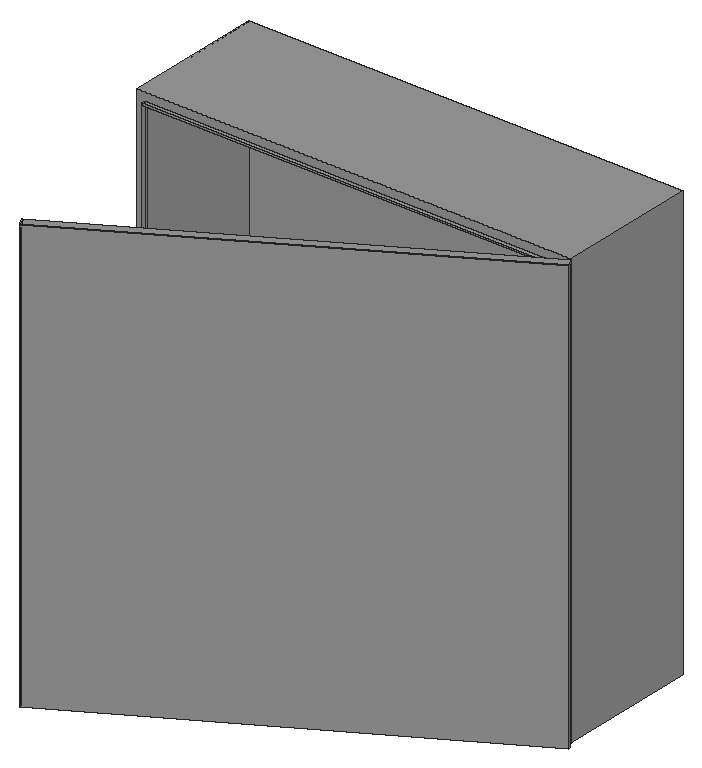
Revit family "Hager-Univers-IP55-D275-H800-Cl.I-Steel_encl-NoHosted-PL-pl", category Electrical Equipment, Revit 2020
Family settings
  Panel Configuration = Two Columns, Circuits Across
  Round Connector Dimension = Use Diameter
  Part Type = Panelboard
  Work Plane-Based = Yes
  Always vertical = Yes
  Cut with Voids When Loaded = No
  Shared = No
  Room Calculation Point = No
Parameters (values of type "Montaż natynkowy IP55 S800 W800 G275  - FR53E")
  Width Control [instance] = if([EF000008 - Szerokość] > Min Width, [EF000008 - Szerokość], Min Width)  # 800 mm
  Type Comments = [HG000003 - Zakres]  # "Univers"
  Thickness Door [instance] = if([EF009171 - Drzwi/pokrywa z materiału o wysokiej wytrzymałości mechanicznej] > 3 mm, 3 mm, [EF009171 - Drzwi/pokrywa z materiału o wysokiej wytrzymałości mechanicznej])  # 1.5 mm
  Seal Frame Offset [instance] = 17 mm  # constant formula
  Plinth Visibility [instance] = [HG000027 - Wysokość cokołu] > 0 mm  # no
  Min Width [instance] = 100 mm  # constant formula
  Min Depth [instance] = (2 * [EF009170 - Obudowa z materiału o wysokiej wytrzymałości mechanicznej]) + 1 mm  # 4 mm
  Min Height [instance] = 100 mm  # constant formula
  Internal Frame Depth [instance] = (Door System Depth * 0.5)  # 9 mm
  Panel Name [instance] = ""  # (empty or 0)
  Model = ""
  HG000027 - Wysokość cokołu = 0 mm
  HG000026 - Stojąca = no
  HG000024 - Wysokość części dolnej = 600 mm
  HG000023 - Obudowa dwusekcyjna = no
  HG000016 - Widoczność drzwi w widoku 3D [instance] = yes
  HG000015 - Przestrzeń robocza - otwarcie drzwi [instance] = no
  HG000014 - Drzwi prawe [instance] = yes
  HG000013 - Drzwi lewe [instance] = not([HG000014 - Drzwi prawe])  # no
  HG000012 - Kąt otwarcia drzwi [instance] = 30.00°
  HG000010 - Drzwi asymetryczne = no
  HG000009 - Drzwi dwuskrzydłowe = no
  HG000006 - Montaż podtynkowy = no
  HG000004 - Referencja producenta = "FR53E"
  HG000003 - Zakres = "Univers"
  HG000002 - Z drzwiami lub pokrywą = yes
  Frame Offset Bottom [instance] = 10 mm  # constant formula
  Frame Offset [instance] = 15 mm  # constant formula
  EF015940 - Pokrywa z wyzwalaczem nadciśnieniowym = no
  EF011959 - Stopień ochrony (NEMA) = ""
  EF009554 - Liczba otworów pod flansze = 6
  EF009212 - Wykonanie pokrywy = "EV000116 - Zamknięty"
  EF009171 - Drzwi/pokrywa z materiału o wysokiej wytrzymałości mechanicznej = 1.5 mm
  EF009170 - Obudowa z materiału o wysokiej wytrzymałości mechanicznej = 1.5 mm
  EF008873 - Prąd znamionowy (In) = 800 A
  EF007800 - Do ochrony odgromowej = no
  EF006306 - Z zamkiem = no
  EF006244 - Transparentna pokrywa/drzwi = no
  EF005474 - Stopień ochrony (IP) = "EV006420 - IP55"
  EF004464 - Rodzaj drzwi = "EV002646 - Pojedynczy"
  EF004427 - Liczba modułów = 180
  EF004293 - Odporność udarowa = "EV008784 - IK10"
  EF003532 - Do zastosowań zewnętrznych = no
  EF002950 - Szerokość wyrażona liczbą modułów = 24
  EF001613 - Podtrzymanie funkcji = "EV000494 - Brak"
  EF001596 - Materiał obudowy = "EV000179 - Stal"
  EF001131 - Głębokość wewnętrzna = 275 mm
  EF001088 - Możliwość rozbudowy = yes
  EF000437 - Liczba wejść kablowych = 6
  EF000339 - Rodzaj pokrywy = "EV004216 - Drzwi"
  EF000266 - Liczba rzędów = 5
  EF000218 - Głębokość wbudowania = 0 mm
  EF000118 - Z płytą montażową = no
  EF000116 - Numer RAL = "7035"
  EF000049 - Głębokość = 275 mm
  EF000040 - Wysokość = 800 mm
  EF000008 - Szerokość = 800 mm
  EF000007 - Kolor = "EV000270 - Szary"
  EF000003 - Sposób montażu = "EV000384 - Montaż natynkowy"
  Door System Leaf Tolerance [instance] = 1.5 mm  # constant formula
  Door System Depth [instance] = 18 mm  # constant formula
  Door Height [instance] = Height Control - [HG000027 - Wysokość cokołu]  # 800 mm
  Description = ""
  Default Elevation = 1219.2 mm
  Connector Offset [instance] = Height Control / 2  # 400 mm
  Manufacturer = "Hager"  # constant formula
  Height Control [instance] = if([EF000040 - Wysokość] > Min Height, [EF000040 - Wysokość], Min Height)  # 800 mm
  Depth Control [instance] = if([EF000049 - Głębokość] > Min Depth, [EF000049 - Głębokość], Min Depth)  # 275 mm
  Bottom Top Plate Trim [instance] = 1.5 mm  # constant formula
  Plinth height Ctrl [instance] = if([HG000027 - Wysokość cokołu] > 0 mm, [HG000027 - Wysokość cokołu], 12 mm)  # 12 mm
Types (5, lengths in mm): name | Width Control | HG000010 - Drzwi asymetryczne | HG000009 - Drzwi dwuskrzydłowe | HG000004 - Referencja producenta | EF009554 - Liczba otworów pod flansze | EF004464 - Rodzaj drzwi | EF004427 - Liczba modułów | EF000437 - Liczba wejść kablowych | EF000008 - Szerokość
  Montaż natynkowy IP55 S1050 W800 G275  - FR54E | 1050 | no | yes | "FR54E" | 8 | "EV003602 - Podwójny" | 240 | 8 | 1050
  Montaż natynkowy IP55 S1300 W800 G275  - FR55E | 1300 | yes | yes | "FR55E" | 10 | "EV003602 - Podwójny" | 300 | 10 | 1300
  Montaż natynkowy IP55 S300 W800 G275  - FR51E | 300 | no | no | "FR51E" | 2 | "EV002646 - Pojedynczy" | 60 | 2 | 300
  Montaż natynkowy IP55 S550 W800 G275  - FR52E | 550 | no | no | "FR52E" | 4 | "EV002646 - Pojedynczy" | 120 | 4 | 550
  Montaż natynkowy IP55 S800 W800 G275  - FR53E | 800 | no | no | "FR53E" | 6 | "EV002646 - Pojedynczy" | 180 | 6 | 800
Reference planes
  plane 1 "Center (Front/Back)": y = 0
  plane 2: z = 0
  plane 3 "Center (Left/Right)": x = 0
  plane 4: y = 0
  plane 5: y = 0
  plane 6: z = 0
  plane 7: x = -400
  plane 8: x = 400
  plane 9: x = 398.5
  plane 10: x = -398.5
  plane 11: z = 0
  plane 12: z = 1.5
  plane 13: y = -275
  plane 14: y = -1.5
  plane 15: x = 0
  plane 16: y = -257
  plane 17: y = -273.5
  plane 18: y = -255.5
  plane 19: x = -383.5
  plane 20: x = 383.5
  plane 21: z = 11.5
  plane 22: x = -383
  plane 23: x = 383
  plane 24: z = 0
  plane 25: z = 800
  plane 26: z = 800
  plane 27: z = 783.5
  plane 28: z = 798.5
Forms (mm)
  Extrusion 1, solid, material "Hager_Steel_RAL7035_Light_Grey", detail levels medium+fine
    sketch origin (-208.679, -4572, 0) x (-1, 0, 0) y (0, -1, 0)
      loop
        line (191.321, -4315) -> (-608.679, -4315) -> (-608.679, -4572) -> (191.321, -4572) -> (191.321, -4315)
    from 0 to 800
  Extrusion 2, void
    sketch origin (-350.771, -275, 1219.2) x (1, 0, 0) y (0, 0, 1)
      loop
        line (-47.729, -420.7) -> (-47.729, -1217.7) -> (749.271, -1217.7) -> (749.271, -420.7) -> (-47.729, -420.7)
    from -19.5 to -273.5
  Extrusion 3, void
    sketch origin (-290.084, -257, 1219.2) x (1, 0, 0) y (0, 0, 1)
      loop
        line (-93.416, -1207.7) -> (673.584, -1207.7) -> (673.584, -435.7) -> (-93.416, -435.7) -> (-93.416, -1207.7)
    from 0 to -1.5
  Extrusion 4, solid, material "Hager_Steel_RAL7035_Light_Grey", visible <- "Plinth Visibility", detail levels medium+fine
    sketch origin (0, 0, 0) x (1, 0, 0) y (0, 1, 0)
      loop
        line (-400, 0) -> (-400, -257) -> (400, -257) -> (400, 0) -> (-400, 0)
    from 0 to 12 <- "Plinth height Ctrl"
  Extrusion 5, solid, material "Hager_Steel_RAL7035_Light_Grey", detail levels coarse
    sketch origin (0, 0, 0) x (1, 0, 0) y (0, 1, 0)
      loop
        line (-400, 0) -> (-400, -275) -> (400, -275) -> (400, 0) -> (-400, 0)
    from 0 to 800 <- "Height Control"
  Sweep 6, void
    path in 3D
      loop
        line (-400, -257, 12) -> (400, -257, 12) -> (400, 0, 12) -> (-400, 0, 12) -> (-400, -257, 12)
    profile origin (-400, -128.5, 12) x (1, 0, 0) y (0, 0, 1)
      loop
        line (0, 0) -> (0, -1.5) -> (1.5, -1.5)
        arc (1.5, -1.5) -> (1.061, -0.439) -> (0, 0) r 1.5
  Extrusion 7, solid, material "Hager_Steel_RAL7035_Light_Grey", detail levels fine
    sketch origin (-400, -257, 0) x (1, 0, 0) y (0, 0, 1)
      loop
        line (16.5, 11.5) -> (783.5, 11.5) -> (783.5, 783.5) -> (16.5, 783.5) -> (16.5, 11.5)
      loop
        line (15, 10) -> (785, 10) -> (785, 785) -> (15, 785) -> (15, 10)
    from 0 to 9 <- "Internal Frame Depth"
Cuts and joins
  Extrusion 2, Extrusion 3 cuts Extrusion 1
  Sweep 6 cuts Extrusion 4
Lines and regions (mm)
  Masking region 1
    outline origin (0, 0, 0) x (1, 0, 0) y (0, 1, 0)
      loop
        line (-400, 0) -> (-400, -275) -> (400, -275) -> (400, 0) -> (-400, 0)
  Masking region 2, detail levels coarse
    outline origin (-290.084, -257, 1219.2) x (-1, 0, 0) y (0, 0, 1)
      loop
        line (-690.084, -1219.2) -> (109.916, -1219.2) -> (109.916, -419.2) -> (-690.084, -419.2) -> (-690.084, -1219.2)
  Masking region 3, detail levels coarse
    outline origin (0, 0, 0) x (0, 1, 0) y (0, 0, 1)
      loop
        line (0, 0) -> (0, 800) -> (-275, 800) -> (-275, 0) -> (0, 0)
  Masking region 4, visible <- "Plinth Visibility", detail levels medium+fine
    outline origin (0, 0, 0) x (0, 1, 0) y (0, 0, 1)
      loop
        line (-1.5, 12) -> (-255.5, 12)
        arc (-255.5, 12) -> (-255.939, 10.939) -> (-257, 10.5) r 1.5
        line (-257, 10.5) -> (-257, 0) -> (0, 0) -> (0, 10.5)
        arc (0, 10.5) -> (-1.061, 10.939) -> (-1.5, 12) r 1.5
  Masking region 5, detail levels medium+fine
    outline origin (0, 0, 594.038) x (0, 1, 0) y (0, 0, 1)
      loop
        line (0, -594.038) -> (0, 205.962) -> (-257, 205.962) -> (-257, -594.038) -> (0, -594.038)
  Masking region 6, detail levels medium+fine
    outline origin (-359.7, -257, 1211.883) x (-1, 0, 0) y (0, 0, 1)
      loop
        line (-759.7, -1211.883) -> (40.3, -1211.883) -> (40.3, -411.883) -> (-759.7, -411.883) -> (-759.7, -1211.883)
  Masking region 7, visible <- "Plinth Visibility", detail levels medium+fine
    outline origin (-320.334, -257, 1041.368) x (-1, 0, 0) y (0, 0, 1)
      loop
        line (-720.334, -1041.368) -> (79.666, -1041.368) -> (79.666, -1030.868)
        arc (79.666, -1030.868) -> (78.606, -1030.429) -> (78.166, -1029.368) r 1.5
        line (78.166, -1029.368) -> (-718.834, -1029.368)
        arc (-718.834, -1029.368) -> (-719.273, -1030.429) -> (-720.334, -1030.868) r 1.5
        line (-720.334, -1030.868) -> (-720.334, -1041.368)
  sketch lines
    curve 1: line (-400, 0, 12) -> (-400, -257, 12)
    curve 2: line (-400, -257, 12) -> (400, -257, 12)
    curve 3: line (400, 0, 12) -> (-400, 0, 12)
    curve 4: line (400, -257, 12) -> (400, 0, 12)
Dimensions and locks
  locked: plane 1 "Center (Front/Back)" to plane 5
  "EF009170 - Obudowa z materiału o wysokiej wytrzymałości mechanicznej": plane 7 to plane 10
  "EF009170 - Obudowa z materiału o wysokiej wytrzymałości mechanicznej": plane 8 to plane 9
  equal spacing: plane 7, plane 3 "Center (Left/Right)", plane 8
  "Width Control": plane 7 to plane 8
  "Depth Control": plane 4 to plane 13
  "EF009170 - Obudowa z materiału o wysokiej wytrzymałości mechanicznej": plane 4 to plane 14
  "Height Control": plane 25 to level
  "HG000027 - Wysokość cokołu": plane 11 to level
  "EF009170 - Obudowa z materiału o wysokiej wytrzymałości mechanicznej": plane 12 to plane 11
  "EF009170 - Obudowa z materiału o wysokiej wytrzymałości mechanicznej": plane 17 to plane 13
  "EF009170 - Obudowa z materiału o wysokiej wytrzymałości mechanicznej": plane 18 to plane 16
  "Frame Offset Bottom": plane 21 to plane 12
  "Frame Offset": plane 10 to plane 19
  "Frame Offset": plane 9 to plane 20
  "Door System Depth": plane 16 to plane 13
  "Seal Frame Offset": plane 7 to plane 22
  "Seal Frame Offset": plane 8 to plane 23
  "EF009170 - Obudowa z materiału o wysokiej wytrzymałości mechanicznej": plane 26 to plane 28
  "Frame Offset": plane 28 to plane 27
  "Connector Offset": plane 2 to connector elem
  "Bottom Top Plate Trim": profile plane to Sweep 6 sketch curve
  "Bottom Top Plate Trim": Sweep 6 sketch curve to Sweep 6 sketch curve
  "Plinth height Ctrl": Masking region 4 sketch curve to level
  "Plinth height Ctrl": Masking region 7 sketch curve to level
  "Thickness Door": Extrusion 7 sketch curve to Extrusion 7 sketch curve  (x4)
  "Bottom Top Plate Trim": radius of Sweep 6 sketch curve
  "Bottom Top Plate Trim": radius of Masking region 4 sketch curve  (x2)
  "Bottom Top Plate Trim": radius of Masking region 7 sketch curve  (x2)
  aligned and locked: Extrusion 2 sketch curve to plane 12
  aligned and locked: Extrusion 2 sketch curve to plane 9
  aligned and locked: Extrusion 2 sketch curve to plane 10
  aligned and locked: Extrusion 2 to plane 14
  aligned and locked: Extrusion 1 sketch curve to plane 4
  aligned and locked: plane 8 to Extrusion 1 sketch curve
  aligned and locked: plane 7 to Extrusion 1 sketch curve
  aligned and locked: Extrusion 2 to plane 18
  aligned and locked: Extrusion 3 sketch curve to plane 19
  aligned and locked: plane 20 to Extrusion 3 sketch curve
  aligned and locked: Extrusion 3 to Extrusion 2
  aligned and locked: Extrusion 3 sketch curve to plane 21
  aligned and locked: plane 3 "Center (Left/Right)" to nested 1
  aligned and locked: Extrusion 1 sketch curve to plane 16
  aligned and locked: Extrusion 4 sketch curve to cut or joined group of Extrusion 1, Extrusion 2, Extrusion 3
  aligned and locked: Masking region 1 sketch curve to plane 7
  aligned and locked: Masking region 1 sketch curve to plane 5
  aligned and locked: Masking region 1 sketch curve to plane 8
  aligned and locked: Masking region 2 sketch curve to level
  aligned and locked: level to Masking region 3 sketch curve
  aligned and locked: plane 1 "Center (Front/Back)" to Masking region 3 sketch curve
  aligned and locked: plane 13 to Masking region 3 sketch curve
  aligned and locked: plane 5 to Masking region 4 sketch curve
  aligned and locked: Masking region 2 sketch curve to plane 8
  aligned and locked: Masking region 2 sketch curve to plane 7
  aligned and locked: plane 7 to nested 2
  aligned and locked: nested 2 to plane 5
  aligned and locked: plane 5 to Masking region 5 sketch curve
  aligned and locked: plane 26 to Masking region 5 sketch curve
  aligned and locked: Extrusion 5 sketch curve to plane 8
  aligned and locked: Extrusion 5 sketch curve to plane 7
  aligned and locked: Extrusion 5 sketch curve to plane 5
  aligned and locked: Extrusion 3 sketch curve to plane 27
  aligned and locked: Extrusion 2 sketch curve to plane 28
  aligned and locked: Masking region 2 to plane 25
  aligned and locked: Extrusion 4 to plane 16
  aligned and locked: profile plane to Sweep 6 sketch curve
  aligned and locked: Masking region 5 sketch curve to plane 24
  aligned and locked: level to Masking region 4 sketch curve
  aligned and locked: Masking region 1 to plane 13
  aligned and locked: nested 1 to plane 16
  aligned and locked: Masking region 3 to plane 25
  aligned and locked: plane 16 to Masking region 4 sketch curve
  aligned and locked: Masking region 5 sketch curve to plane 16
  aligned and locked: plane 24 to plane 11
  aligned and locked: plane 26 to plane 25
  aligned and locked: plane 26 to cut or joined group of Extrusion 1, Extrusion 2, Extrusion 3
  aligned and locked: nested 1 to plane 24
  aligned and locked: Extrusion 1 to Extrusion 3
  aligned and locked: Masking region 6 sketch curve to plane 8
  aligned and locked: Masking region 6 sketch curve to plane 24
  aligned and locked: Masking region 6 sketch curve to plane 7
  aligned and locked: Masking region 6 sketch curve to plane 26
  aligned and locked: Masking region 7 sketch curve to plane 7
  aligned and locked: level to Masking region 7 sketch curve
  aligned and locked: Masking region 7 sketch curve to plane 8
  aligned and locked: Extrusion 7 sketch curve to cut or joined group of Extrusion 1, Extrusion 2, Extrusion 3  (x4)
Automatic sketch dimensions
  plane 19 to Extrusion 3 sketch curve = 0 mm
  Extrusion 3 sketch curve to plane 20 = 0 mm
  Extrusion 3 sketch curve to plane 21 = 0 mm
  Extrusion 4 sketch curve to plane 7 = 0 mm
  Extrusion 4 sketch curve to plane 8 = 0 mm
  Extrusion 4 sketch curve to plane 16 = 0 mm
  Masking region 1 sketch curve to plane 13 = 0 mm
  Masking region 2 sketch curve to plane 25 = 0 mm
  Masking region 3 sketch curve to plane 25 = 0 mm
  Extrusion 5 sketch curve to plane 13 = 0 mm
  profile plane to Sweep 6 sketch curve = 0 mm
Nested families
  nested 1: "EC000058_Univers_Door" at (0, -257, 0), Double <- "HG000009 - Drzwi dwuskrzydłowe", Transparent <- "EF006244 - Transparentna pokrywa/drzwi", Angle <- "HG000012 - Kąt otwarcia drzwi", Door_Right <- "HG000014 - Drzwi prawe", Assymetrical <- "HG000010 - Drzwi asymetryczne", Door <- "HG000002 - Z drzwiami lub pokrywą", Width_Ctrl <- "Width Control", 3d_Door <- "HG000016 - Widoczność drzwi w widoku 3D", Clearance <- "HG000015 - Przestrzeń robocza - otwarcie drzwi", Door_Left <- "HG000013 - Drzwi lewe", Width <- "Width Control", Door_Depth <- "Door System Depth", Leaf_Tolerance <- "Door System Leaf Tolerance", Height <- "Door Height", Lock_Visibility <- "EF006306 - Z zamkiem", Thickness <- "Thickness Door", type "EC000058_Univers_Door", detail levels medium+fine
    with min_wh 4 mm, Width_Ctrl 800 mm, Width 800 mm, Transparent no, Thickness 1.5 mm, Seal_Material Hager_Rubber, Lock_Visibility no, Lock_Material Hager_Plastic_RAL9005_Jet_Black, Leaf_Width 800 mm, Leaf_Tolerance_External_Sides 0 mm, Leaf_Tolerance 1.5 mm, Leaf_Offset 0 mm, Leaf_Height 797 mm, Leaf_2_Width 800 mm, Leaf_2_Offset 400 mm, Leaf_1_Width 800 mm, Leaf_1_Offset 400 mm, Height_Ctrl 800 mm, Height 800 mm, Glass_Material Hager_Glass, Double_Clearance_Ctrl no, Double no, Door_Right_Ctrl yes, Door_Right yes, Door_Material Hager_Steel_RAL7035_Light_Grey, Door_Left_Ctrl no, Door_Left no, Door_Depth 18 mm, Door yes, Clearance_Material Hager_Clearance, Clearance_Depth 800 mm, Clearance_Ctrl no, Clearance no, Assymetrical no, Angle 30.00°, 3d_Door yes
  nested 2: "Hager_Enclosure_Symbol" at (-400, 0, 0), Height <- "Depth Control", Width <- "Width Control", type "Hager_Enclosure_Symbol"
    with Width_Ctrl 800 mm, Width 800 mm, Height_Ctrl 275 mm, Height 275 mm, A_Width_Int 18.047 mm, A_Width 216.562 mm, A_Height_Ctrl 240.625 mm, A_Height 240.625 mm
Connectors
  electrical at (0, 0, 400)
    settings: on plane 1 "Center (Front/Back)", index 1, voltage 0 V, apparent load 0 VA, apparent load phase1 0 VA, apparent load phase2 0 VA, apparent load phase3 0 VA, power factor 1, load classification "Other", number of poles 1, system type 30, power factor state 1, is connector primary yes, connector utility no, sub classification motor no, connector description ""
Definition of nested family "EC000058_Univers_Door"
  Parameters (values of type "EC000058_Univers_Door")
    min_wh [instance] = (2 * Thickness) + 1 mm  # 11 mm
    Width_Ctrl [instance] = 400 mm
    Width [instance] = 500 mm
    Transparent [instance] = yes
    Thickness [instance] = 5 mm
    Seal_Material [instance] = none
    Lock_Visibility [instance] = yes
    Lock_Material [instance] = none
    Leaf_Width [instance] = if((Width_Ctrl - 2 * Leaf_Tolerance_External_Sides) > 0 mm, (Width_Ctrl - 2 * Leaf_Tolerance_External_Sides), min_wh)  # 400 mm
    Leaf_Tolerance_External_Sides [instance] = 0 mm  # constant formula
    Leaf_Tolerance [instance] = 1.5 mm
    Leaf_Offset [instance] = 0 mm  # constant formula
    Leaf_Height [instance] = if((Height_Ctrl - 2 * Leaf_Tolerance) > 0 mm, (Height_Ctrl - 2 * Leaf_Tolerance), min_wh)  # 497 mm
    Leaf_2_Width [instance] = if(and(and(Double, Assymetrical), Door_Left), (Leaf_Width / 3) - (Leaf_Tolerance / 2), if(and(and(Double, Assymetrical), Door_Right), (Leaf_Width / 3) * 2 - (Leaf_Tolerance / 2), if(and(Double, not(Assymetrical)), (Leaf_Width / 2) - Leaf_Tolerance, Leaf_Width)))  # 400 mm
    Leaf_2_Offset [instance] = if(and(Double, Assymetrical), Leaf_2_Width / 2, if(and(Double, not(Assymetrical)), Leaf_Width / 4, Leaf_Width / 2))  # 200 mm
    Leaf_1_Width [instance] = if(and(and(Double, Assymetrical), Door_Right), (Leaf_Width / 3) - (Leaf_Tolerance / 2), if(and(and(Double, Assymetrical), Door_Left), (Width / 3) * 2 - (Leaf_Tolerance / 2), if(and(Double, not(Assymetrical)), (Leaf_Width / 2) - Leaf_Tolerance, Leaf_Width)))  # 400 mm
    Leaf_1_Offset [instance] = if(and(Double, Assymetrical), Leaf_1_Width / 2, if(and(Double, not(Assymetrical)), Leaf_Width / 4, Leaf_Width / 2))  # 200 mm
    Height_Ctrl [instance] = if(Height > min_wh, Height, min_wh)  # 500 mm
    Height [instance] = 500 mm
    Glass_Material [instance] = none
    Double_Clearance_Ctrl [instance] = and(Double, Clearance)  # no
    Double [instance] = no
    Door_Right_Ctrl [instance] = and(or(Door_Right, Double), Door)  # yes
    Door_Right [instance] = yes
    Door_Material [instance] = none
    Door_Left_Ctrl [instance] = and(or(Door_Left, Double), Door)  # no
    Door_Left [instance] = no
    Door_Depth [instance] = 30 mm
    Door [instance] = yes
    Default Elevation = 1219.2 mm
    Clearance_Material [instance] = none
    Clearance_Depth [instance] = if(Leaf_1_Width > Leaf_2_Width, Leaf_1_Width, Leaf_2_Width)  # 400 mm
    Clearance_Ctrl [instance] = and(not(Double), Clearance)  # yes
    Clearance [instance] = yes
    Assymetrical [instance] = yes
    Angle [instance] = 30.00°
    3d_Door [instance] = yes
  Reference planes
    plane 1 "Center (Front/Back)": y = 0
    plane 2 "Bottom": z = 0
    plane 3 "Center (Left/Right)": x = 0
    plane 4: z = 500
    plane 5: x = -200
    plane 6: x = 200
    plane 7: z = 500
    plane 8: x = -200
    plane 9: z = 0
    plane 10: x = 200
    plane 11: y = 0
    plane 12: z = 1.5
    plane 13: x = -600
    plane 14: y = -400
    plane 15: x = 600
    plane 16: x = 0
    plane 17: x = 0
    plane 18: x = -200
    plane 19: x = 200
    plane 20: z = 498.5
  Forms (mm)
    Extrusion 1, solid, material <- "Clearance_Material", visible <- "Double_Clearance_Ctrl"
      sketch origin (1200, 0, 0) x (1, 0, 0) y (0, 0, -1)
        loop
          line (-1800, -498.5) -> (-600, -498.5) -> (-600, 0) -> (-1800, 0) -> (-1800, -498.5)
      from 0 to -400
  Dimensions and locks
    equal spacing: plane 5, plane 3 "Center (Left/Right)", plane 6
    "Width_Ctrl": plane 5 to plane 6
    "Leaf_Offset": plane 5 to plane 8
    "Leaf_Offset": plane 6 to plane 10
    "Leaf_Offset": plane 9 to level
    "Leaf_Offset": plane 4 to plane 7
    "Height_Ctrl": plane 4 to level
    "Leaf_Tolerance": plane 12 to plane 9
    locked: plane 11 to plane 1 "Center (Front/Back)"
    "Leaf_1_Offset": plane 18 to plane 16
    "Leaf_2_Offset": plane 17 to plane 19
    "Leaf_1_Width": plane 13 to plane 8
    "Leaf_2_Width": plane 10 to plane 15
    "Clearance_Depth": plane 14 to plane 1 "Center (Front/Back)"
    "Leaf_Tolerance_External_Sides": plane 8 to plane 18
    "Leaf_Tolerance_External_Sides": plane 19 to plane 10
    "Leaf_Tolerance": plane 7 to plane 20
    aligned and locked: level to plane 2 "Bottom"
    aligned and locked: nested 1 to plane 16
    aligned and locked: nested 2 to plane 17
    aligned and locked: Extrusion 1 to plane 13
    aligned and locked: plane 15 to Extrusion 1
    aligned and locked: Extrusion 1 to plane 14
    aligned and locked: plane 12 to nested 1
    aligned and locked: nested 2 to plane 12
    aligned and locked: Extrusion 1 to plane 11
    aligned and locked: plane 20 to Extrusion 1
    aligned and locked: nested 2 to plane 11
    aligned and locked: nested 1 to plane 11
  Automatic sketch dimensions
    Extrusion 1 sketch curve to level = 0 mm
    plane 5 to Extrusion 1 sketch curve = 400 mm
    plane 6 to Extrusion 1 sketch curve = 400 mm
    Extrusion 1 sketch curve to plane 4 = 1.5 mm
  Nested families
    nested 1: "EC000058_Univers_Door_Leaf" at (0, 0, 1.5), Width <- "Leaf_1_Width", visible <- "Door_Left_Ctrl", Leaf_Height <- "Leaf_Height", Angle <- "Angle", 3d_Door <- "3d_Door", Transparent <- "Transparent", Clearance Material <- "Clearance_Material", Clearance <- "Clearance_Ctrl", Door_Material <- "Door_Material", Glass_Material <- "Glass_Material", Door_Depth <- "Door_Depth", Lock_Material <- "Lock_Material", Seal_Material <- "Seal_Material", Lock_Visibility <- "Lock_Visibility", Thickness <- "Thickness", type "EC000058_Univers_Door_Leaf"
      with Width 400 mm, Transparent_Glass_Offset 30 mm, Transparent_Ctrl yes, Transparent yes, Thickness 5 mm, Standard no, Seal_Material none, Seal_D2 8 mm, Seal_D1 1 mm, Offset_Internal_Frame 10 mm, Lock_Width 20 mm, Lock_Visibility_3d yes, Lock_Visibility yes, Lock_Thickness_3 3 mm, Lock_Thickness_2 1 mm, Lock_Thickness_1 3 mm, Lock_Radius_Offset_2 16 mm, Lock_Radius_Offset_1 15 mm, Lock_Radius_2 5 mm, Lock_Radius 6 mm, Lock_Offset 5 mm, Lock_Material none, Lock_Height 80 mm, Lock_Cover_Top_Offset_2d 17 mm, Lock_Cover_Height -65 mm, Leaf_Height 497 mm, Internal_Seal_Thickness 8 mm, Internal_Seal_Depth_2 4.5 mm, Internal_Frame_Depth 25 mm, Glass_Thickness -1 mm, Glass_Offset -2 mm, Glass_Material none, Door_Material none, Door_Depth 30 mm, Clearance Material none, Clearance yes, Angle_Ctrl 30.00°, Angle 30.00°, 3d_Door yes
    nested 2: "EC000058_Univers_Door_Leaf" at (0, 0, 1.5) x (-1, 0, 0) z (0, 0, 1), Width <- "Leaf_2_Width", visible <- "Door_Right_Ctrl", Leaf_Height <- "Leaf_Height", Angle <- "Angle", 3d_Door <- "3d_Door", Transparent <- "Transparent", Clearance Material <- "Clearance_Material", Clearance <- "Clearance_Ctrl", Door_Material <- "Door_Material", Glass_Material <- "Glass_Material", Door_Depth <- "Door_Depth", Lock_Material <- "Lock_Material", Seal_Material <- "Seal_Material", Lock_Visibility <- "Lock_Visibility", Thickness <- "Thickness", type "EC000058_Univers_Door_Leaf"
      with Width 400 mm, Transparent_Glass_Offset 30 mm, Transparent_Ctrl yes, Transparent yes, Thickness 5 mm, Standard no, Seal_Material none, Seal_D2 8 mm, Seal_D1 1 mm, Offset_Internal_Frame 10 mm, Lock_Width 20 mm, Lock_Visibility_3d yes, Lock_Visibility yes, Lock_Thickness_3 3 mm, Lock_Thickness_2 1 mm, Lock_Thickness_1 3 mm, Lock_Radius_Offset_2 16 mm, Lock_Radius_Offset_1 15 mm, Lock_Radius_2 5 mm, Lock_Radius 6 mm, Lock_Offset 5 mm, Lock_Material none, Lock_Height 80 mm, Lock_Cover_Top_Offset_2d 17 mm, Lock_Cover_Height -65 mm, Leaf_Height 497 mm, Internal_Seal_Thickness 8 mm, Internal_Seal_Depth_2 4.5 mm, Internal_Frame_Depth 25 mm, Glass_Thickness -1 mm, Glass_Offset -2 mm, Glass_Material none, Door_Material none, Door_Depth 30 mm, Clearance Material none, Clearance yes, Angle_Ctrl 30.00°, Angle 30.00°, 3d_Door yes
  Definition of nested family "EC000058_Univers_Door_Leaf"
    Parameters (values of type "EC000058_Univers_Door_Leaf")
      Width [instance] = 2000 mm
      Transparent_Glass_Offset [instance] = 30 mm
      Transparent_Ctrl [instance] = and(Transparent, [3d_Door])  # yes
      Transparent [instance] = yes
      Thickness [instance] = 5 mm
      Standard [instance] = and(not(Transparent), [3d_Door])  # no
      Seal_Material [instance] = none
      Seal_D2 [instance] = 8 mm  # constant formula
      Seal_D1 [instance] = 1 mm  # constant formula
      Offset_Internal_Frame [instance] = 10 mm  # constant formula
      Lock_Width [instance] = 20 mm  # constant formula
      Lock_Visibility_3d [instance] = and(Lock_Visibility, [3d_Door])  # yes
      Lock_Visibility [instance] = yes
      Lock_Thickness_3 [instance] = 3 mm  # constant formula
      Lock_Thickness_2 [instance] = 1 mm  # constant formula
      Lock_Thickness_1 [instance] = 3 mm  # constant formula
      Lock_Radius_Offset_2 [instance] = Lock_Radius_Offset_1 + 1 mm  # 16 mm
      Lock_Radius_Offset_1 [instance] = 15 mm  # constant formula
      Lock_Radius_2 [instance] = Lock_Radius - 1 mm  # 5 mm
      Lock_Radius [instance] = 6 mm  # constant formula
      Lock_Offset [instance] = 5 mm  # constant formula
      Lock_Material [instance] = none
      Lock_Height [instance] = 80 mm  # constant formula
      Lock_Cover_Top_Offset_2d [instance] = Lock_Radius_Offset_2 + 1 mm  # 17 mm
      Lock_Cover_Height [instance] = -(Lock_Height - Lock_Radius_Offset_1)  # -65 mm
      Leaf_Height [instance] = 2720.336 mm
      Internal_Seal_Thickness [instance] = 8 mm  # constant formula
      Internal_Seal_Depth_2 [instance] = 4.5 mm  # constant formula
      Internal_Frame_Depth [instance] = if(Door_Depth - Thickness > 5 mm, Door_Depth - Thickness, 5 mm)  # 25 mm
      Glass_Thickness [instance] = if(Thickness > 15 mm, Glass_Offset + 10 mm, -1 mm)  # -1 mm
      Glass_Offset [instance] = if(Thickness > 15 mm, -(Thickness + 10 mm) / 2, -2 mm)  # -2 mm
      Glass_Material [instance] = none
      Door_Material [instance] = none
      Door_Depth [instance] = 30 mm
      Default Elevation = 0 mm
      Clearance Material [instance] = none
      Clearance [instance] = yes
      Angle_Ctrl [instance] = if(Angle > 180.00°, 180.00°, Angle)  # 90.00°
      Angle [instance] = 90.00°
      3d_Door [instance] = yes
    Reference planes
      plane 1 "Center (Front/Back)": y = 0
      plane 2: z = 0
      plane 3 "Center (Left/Right)": x = 0
      plane 4: y = 2000
      plane 5: x = -1000
      plane 6: x = 1000
      plane 7: x = -3000
      plane 8: z = 2720.336
      plane 9: z = 30
      plane 10: z = 2690.336
      plane 11: x = 970
      plane 12: x = -970
      plane 13: y = -3
      plane 14: z = 107.833
      plane 15: y = -5
      plane 16: y = -223.314
      plane 17: x = -1000
      plane 18: z = 1360.168
      plane 19: y = 30
    Forms (mm)
      Extrusion 1, solid, material <- "Clearance Material", visible <- "Clearance"
        sketch origin (0, 0, 0) x (1, 0, 0) y (0, 0, 1)
          loop
            line (-3000, 2720.336) -> (-3000, 0) -> (1000, 0) -> (1000, 2720.336) -> (-3000, 2720.336)
        from 0 to -2000
      Extrusion 2, solid, material <- "Door_Material", visible <- "Standard", detail levels medium+fine
        sketch origin (-1000, 0, 0) x (0, 1, 0) y (-1, 0, 0)
          loop
            line (0, 30) -> (0, 25) -> (2000, 25) -> (2000, 30) -> (0, 30)
        from 0 to 2720.336 <- "Leaf_Height"
      Extrusion 3, solid, material <- "Door_Material", visible <- "Transparent_Ctrl", detail levels medium+fine
        sketch origin (-1000, 0, 0) x (0, 1, 0) y (-1, 0, 0)
          loop
            line (0, 25) -> (2000, 25) -> (2000, 30) -> (0, 30) -> (0, 25)
        from 0 to 2720.336 <- "Leaf_Height"
      Extrusion 4, void
        sketch origin (-1025, 2000, 0) x (0, 1, 0) y (0, 0, -1)
          loop
            line (-30, -2690.336) -> (-30, -30) -> (-1970, -30) -> (-1970, -2690.336) -> (-30, -2690.336)
        from 0 to 5 <- "Thickness"
      Sweep 5, solid, material <- "Seal_Material", visible <- "Transparent_Ctrl", detail levels fine
        path in 3D
          loop
            line (-1025, 30, 30) -> (-1025, 30, 2690.336) -> (-1025, 1970, 2690.336) -> (-1025, 1970, 30) -> (-1025, 30, 30)
        profile origin (-1025, 1000, 30) x (1, 0, 0) y (0, 0, 1)
          loop
            line (0, 0) -> (0, -8) -> (1, -8) -> (1, 0) -> (0, 0)
      Extrusion 6, solid, material <- "Glass_Material", visible <- "Transparent_Ctrl", detail levels medium+fine
        sketch origin (-1030, 0, 0) x (0, 1, 0) y (0, 0, -1)
          loop
            line (1970, -2690.336) -> (1970, -30) -> (30, -30) -> (30, -2690.336) -> (1970, -2690.336)
        from -2 <- "Glass_Offset" to -1 <- "Glass_Thickness"
      Extrusion 7, solid, material <- "Door_Material", visible <- "3d_Door", detail levels medium+fine
        sketch origin (-1025, 2000, 0) x (0, -1, 0) y (0, 0, -1)
          loop
            line (0, -2720.336) -> (2000, -2720.336) -> (2000, 0) -> (0, 0) -> (0, -2720.336)
          loop
            line (1995, -5) -> (5, -5) -> (5, -2715.336) -> (1995, -2715.336) -> (1995, -5)
        from 0 to 25 <- "Internal_Frame_Depth"
      Sweep 8, solid, material <- "Seal_Material", visible <- "Transparent_Ctrl", detail levels fine
        path in 3D
          loop
            line (-1025, 0, 0) -> (-1025, 2000, 0) -> (-1025, 2000, 2720.336) -> (-1025, 0, 2720.336) -> (-1025, 0, 0)
        profile origin (-1025, 0, 1360.168) x (1, 0, 0) y (0, 1, 0)
          loop
            line (0, 10) -> (2.975, 10)
            arc (2.975, 10) -> (4.053, 10.447) -> (4.5, 11.525) r 1.525
            line (4.5, 11.525) -> (4.5, 16.527)
            arc (4.5, 16.527) -> (4.069, 17.569) -> (3.027, 18) r 1.473
            line (3.027, 18) -> (0, 18) -> (0, 10)
      Extrusion 9, solid, material <- "Lock_Material", visible <- "Lock_Visibility_3d", detail levels fine
        sketch origin (-1030, 0, 0) x (0, 1, 0) y (0, 0, -1)
          loop
            arc (1993.5, -1400.168) -> (1994.561, -1399.729) -> (1995, -1398.668) r 1.5
            line (1995, -1398.668) -> (1995, -1320.168) -> (1975, -1320.168) -> (1975, -1398.668)
            arc (1975, -1398.668) -> (1975.439, -1399.729) -> (1976.5, -1400.168) r 1.5
            line (1976.5, -1400.168) -> (1993.5, -1400.168)
        from 3 <- "Lock_Thickness_1" to 0
      Blend 10, solid, material <- "Lock_Material", visible <- "Lock_Visibility_3d", detail levels fine
        base sketch origin (-1033, 0, 0) x (0, 1, 0) y (0, 0, -1)
          loop
            line (1975, -1320.168) -> (1975, -1398.668)
            arc (1975, -1398.668) -> (1975.439, -1399.729) -> (1976.5, -1400.168) r 1.5
            line (1976.5, -1400.168) -> (1993.5, -1400.168)
            arc (1993.5, -1400.168) -> (1994.561, -1399.729) -> (1995, -1398.668) r 1.5
            line (1995, -1398.668) -> (1995, -1320.168) -> (1975, -1320.168)
        top sketch origin (-1033, 0, 0) x (0, 1, 0) y (0, 0, -1)
          loop
            line (1976, -1320.168) -> (1976, -1398.668)
            arc (1976, -1398.668) -> (1976.146, -1399.022) -> (1976.5, -1399.168) r 0.5
            line (1976.5, -1399.168) -> (1993.5, -1399.168)
            arc (1993.5, -1399.168) -> (1993.854, -1399.022) -> (1994, -1398.668) r 0.5
            line (1994, -1398.668) -> (1994, -1320.168) -> (1976, -1320.168)
        from 0 to 1 <- "Lock_Thickness_2"
      Blend 11, solid, material <- "Lock_Material", visible <- "Lock_Visibility_3d", detail levels fine
        base sketch origin (-1034, 0, 0) x (0, 1, 0) y (0, 0, -1)
          loop
            line (1978, -1320.168) -> (1978, -1384.168)
            arc (1978, -1384.168) -> (1985, -1391.168) -> (1992, -1384.168) r 7
            line (1992, -1384.168) -> (1992, -1320.168) -> (1978, -1320.168)
        top sketch origin (-1034, 0, 0) x (0, 1, 0) y (0, 0, -1)
          loop
            line (1991, -1320.168) -> (1979, -1320.168) -> (1979, -1383.168)
            arc (1979, -1383.168) -> (1985, -1389.168) -> (1991, -1383.168) r 6
            line (1991, -1383.168) -> (1991, -1320.168)
        from 0 to 3 <- "Lock_Thickness_3"
      Extrusion 12, solid, material <- "Lock_Material", visible <- "Lock_Visibility_3d", detail levels fine
        sketch origin (-1030, 1975, 1320.168) x (1, 0, 0) y (0, -1, 0)
          loop
            line (-7, -19) -> (-7, -1) -> (0, -1) -> (0, 0) -> (-8, 0) -> (-8, -20) -> (0, -20) -> (0, -19) -> (-7, -19)
        from 0 to -65 <- "Lock_Cover_Height"
      Extrusion 13, void
        sketch origin (-1038, 1995, 1320.168) x (-1, 0, 0) y (0, 0, -1)
          loop
            line (-5, -65) -> (0, -65) -> (-5, -60) -> (-5, -65)
        from 0 to 20 <- "Lock_Width"
      Extrusion 14, void
        sketch origin (-1038, 1975, 1320.168) x (0, -1, 0) y (0, 0, -1)
          loop
            circle (-10, -15.995) r 6
          loop
            circle (-10, -15.995) r 5
        from 0 to 2
      Extrusion 15, solid, material <- "Lock_Material", visible <- "Lock_Visibility_3d", detail levels medium
        sketch origin (-1030, 0, 0) x (0, 1, 0) y (0, 0, -1)
          loop
            arc (1993.5, -1400.168) -> (1994.561, -1399.729) -> (1995, -1398.668) r 1.5
            line (1995, -1398.668) -> (1995, -1320.168) -> (1975, -1320.168) -> (1975, -1398.668)
            arc (1975, -1398.668) -> (1975.439, -1399.729) -> (1976.5, -1400.168) r 1.5
            line (1976.5, -1400.168) -> (1993.5, -1400.168)
        from 8 to 0
    Cuts and joins
      Extrusion 4 cuts Extrusion 3
      Extrusion 13, Extrusion 14 cuts Extrusion 9
      Extrusion 14 cuts Blend 11
      Extrusion 13, Extrusion 14 cuts Extrusion 12
      joined: Extrusion 9, Blend 10, Blend 11, Extrusion 12
      Extrusion 14 cuts Extrusion 15
    Lines and regions (mm)
      Masking region 1, visible <- "Lock_Visibility", detail levels fine
        outline origin (0, 0, 0) x (0, 1, 0) y (0, 0, 1)
          loop
            line (30, 1320.168) -> (33, 1320.168) -> (33, 1400.168) -> (30, 1400.168) -> (30, 1320.168)
      Masking region 2, visible <- "Lock_Visibility", detail levels fine
        outline origin (0, 3.143, 0) x (0, 1, 0) y (0, 0, 1)
          loop
            line (29.857, 1354.168) -> (30.857, 1354.168) -> (30.857, 1366.168) -> (29.857, 1366.168) -> (29.857, 1354.168)
      Masking region 3, detail levels medium+fine
        outline origin (0, 0, 0) x (0, 1, 0) y (0, 0, 1)
          loop
            line (0, 0) -> (30, 0) -> (30, 2720.336) -> (0, 2720.336) -> (0, 0)
      Masking region 4, detail levels medium+fine
        outline origin (0, 0, 0) x (1, 0, 0) y (0, 0, 1)
          loop
            line (-1000, 2720.336) -> (-1000, 0) -> (1000, 0) -> (1000, 2720.336) -> (-1000, 2720.336)
      Masking region 5, visible <- "Lock_Visibility", detail levels fine
        outline origin (-47.116, 0, 0) x (1, 0, 0) y (0, 0, 1)
          loop
            arc (1024.616, 1399.168) -> (1023.556, 1398.729) -> (1023.116, 1397.668) r 1.5
            line (1023.116, 1397.668) -> (1023.116, 1320.168) -> (1041.116, 1320.168) -> (1041.116, 1397.668)
            arc (1041.116, 1397.668) -> (1040.677, 1398.729) -> (1039.616, 1399.168) r 1.5
            line (1039.616, 1399.168) -> (1024.616, 1399.168)
      Masking region 6, visible <- "Lock_Visibility", detail levels medium+fine
        outline origin (-25, 0, 0) x (1, 0, 0) y (0, 0, 1)
          loop
            arc (1001.5, 1400.168) -> (1000.439, 1399.729) -> (1000, 1398.668) r 1.5
            line (1000, 1398.668) -> (1000, 1320.168) -> (1020, 1320.168) -> (1020, 1398.668)
            arc (1020, 1398.668) -> (1019.561, 1399.729) -> (1018.5, 1400.168) r 1.5
            line (1018.5, 1400.168) -> (1001.5, 1400.168)
      Masking region 7, visible <- "Lock_Visibility", detail levels fine
        outline origin (-73.735, 0, 0) x (1, 0, 0) y (0, 0, 1)
          loop
            line (1051.735, 1382.168) -> (1065.735, 1382.168) -> (1065.735, 1384.168)
            arc (1065.735, 1384.168) -> (1058.735, 1391.168) -> (1051.735, 1384.168) r 7
            line (1051.735, 1384.168) -> (1051.735, 1382.168)
      Masking region 8, visible <- "Lock_Visibility", detail levels fine
        outline origin (-73.735, 0, 0) x (1, 0, 0) y (0, 0, 1)
          loop
            line (1052.735, 1382.168) -> (1064.735, 1382.168) -> (1064.735, 1383.168)
            arc (1064.735, 1383.168) -> (1058.735, 1389.168) -> (1052.735, 1383.168) r 6
            line (1052.735, 1383.168) -> (1052.735, 1382.168)
      Masking region 9, visible <- "Lock_Visibility", detail levels fine
        outline origin (-25, 0, 0) x (1, 0, 0) y (0, 0, 1)
          loop
            line (1020, 1320.168) -> (1020, 1382.168) -> (1000, 1382.168) -> (1000, 1320.168) -> (1020, 1320.168)
      Masking region 10, detail levels medium+fine
        outline origin (0, 0, 0) x (1, 0, 0) y (0, 0, 1)
          loop
            circle (985, 1335.144) r 6
      Masking region 11, detail levels fine
        outline origin (0, 0, 0) x (1, 0, 0) y (0, 0, 1)
          loop
            circle (985, 1335.144) r 5
      Masking region 12, visible <- "Lock_Visibility", detail levels fine
        outline origin (0, 12.767, 0) x (0, 1, 0) y (0, 0, 1)
          loop
            line (20.233, 1320.168) -> (21.233, 1320.168) -> (21.233, 1399.168) -> (20.233, 1400.168) -> (20.233, 1320.168)
      Masking region 13, visible <- "Lock_Visibility", detail levels fine
        outline origin (0, 13.767, -10) x (0, 1, 0) y (0, 0, 1)
          loop
            line (20.233, 1330.168) -> (23.233, 1330.168) -> (23.233, 1399.168) -> (20.233, 1402.168) -> (20.233, 1330.168)
      Masking region 14, visible <- "Lock_Visibility", detail levels fine
        outline origin (0, 12.767, -10) x (0, 1, 0) y (0, 0, 1)
          loop
            line (20.233, 1330.168) -> (25.233, 1330.168) -> (25.233, 1399.305) -> (20.233, 1394.305) -> (20.233, 1330.168)
      Masking region 15, visible <- "Lock_Visibility", detail levels medium
        outline origin (0, 0, 0) x (0, 1, 0) y (0, 0, 1)
          loop
            line (30, 1320.168) -> (38, 1320.168) -> (38, 1400.168) -> (30, 1400.168) -> (30, 1320.168)
      Masking region 16, visible <- "Lock_Visibility", detail levels fine
        outline origin (-1000, 0, 0) x (0, 1, 0) y (-1, 0, 0)
          loop
            line (1975, 30) -> (1995, 30) -> (1995, 38) -> (1975, 38) -> (1975, 30)
          loop
            line (1979, 37) -> (1976, 37) -> (1976, 34) -> (1978, 34) -> (1979, 37)
          loop
            line (1994, 37) -> (1991, 37) -> (1992, 34) -> (1994, 34) -> (1994, 37)
      Masking region 17, visible <- "Lock_Visibility", detail levels medium
        outline origin (-1000, 0, 0) x (0, 1, 0) y (-1, 0, 0)
          loop
            line (1975, 30) -> (1995, 30) -> (1995, 38) -> (1975, 38) -> (1975, 30)
      symbolic lines
        curve 1: line (1000, 0, 0) -> (-3000, 0, 0)
        curve 2: arc (1000, 0, 0) -> (-1000, 2000, 0) -> (-3000, 0, 0) r 2000
        curve 4: line (-1030, 0, 0) -> (-1030, 2000, 0)
      reference lines
        curve 3: line (-1000, 0, 0) -> (-1000, 2000, 0)
      symbolic lines, detail levels medium+fine
        curve 5: line (-1030, 2000, 0) -> (-1025, 2000, 0)
        curve 7: line (-1025, 0, 0) -> (-1030, 0, 0)
        curve 8: line (-1025, 0, 0) -> (-1000, 0, 0)
        curve 9: line (-1000, 0, 0) -> (-1000, 2000, 0)
        curve 10: line (-1000, 2000, 0) -> (-1025, 2000, 0)
      symbolic lines, detail levels fine
        curve 6: line (-1025, 2000, 0) -> (-1025, 0, 0)
      sketch lines
        curve 11: line (-1025, 0, 2720.336) -> (-1025, 0, 0)
        curve 12: line (-1025, 2000, 0) -> (-1025, 0, 0)
        curve 13: line (-1025, 2000, 2720.336) -> (-1025, 2000, 0)
        curve 14: line (-1025, 0, 2720.336) -> (-1025, 2000, 2720.336)
        curve 15: line (-1025, 1970, 30) -> (-1025, 30, 30)
        curve 16: line (-1025, 30, 30) -> (-1025, 30, 2690.336)
        curve 17: line (-1025, 1970, 2690.336) -> (-1025, 1970, 30)
        curve 18: line (-1025, 30, 2690.336) -> (-1025, 1970, 2690.336)
      symbolic lines, visible <- "Transparent", detail levels medium+fine
        curve 19: line (-970, 0, 2690.336) -> (970, 0, 2690.336)
        curve 20: line (-970, 0, 30) -> (-970, 0, 2690.336)
        curve 21: line (970, 0, 30) -> (-970, 0, 30)
        curve 22: line (970, 0, 2690.336) -> (970, 0, 30)
    Dimensions and locks
      "Width": plane 1 "Center (Front/Back)" to plane 4
      equal spacing: plane 5, plane 3 "Center (Left/Right)", plane 6
      "Width": plane 5 to plane 6
      "Width": plane 7 to plane 5
      "Leaf_Height": plane 8 to level
      "Width": curve 5 to curve 3
      "Width": curve 3 to curve 3
      plane 8 to plane 10 = 30 mm
      plane 9 to level = 30 mm
      plane 12 to plane 5 = 30 mm
      plane 6 to plane 11 = 30 mm
      Extrusion 1 to Extrusion 4 sketch curve = 30 mm
      "Transparent_Glass_Offset": curve 3 to Extrusion 4 sketch curve
      "Transparent_Glass_Offset": Extrusion 4 sketch curve to cut or joined group of Extrusion 3, Extrusion 4  (x2)
      cut or joined group of Extrusion 3, Extrusion 4 to Extrusion 6 sketch curve = 30 mm
      "Transparent_Glass_Offset": cut or joined group of Extrusion 3, Extrusion 4 to Extrusion 4 sketch curve
      "Thickness": curve 6 to curve 4
      "Thickness": Extrusion 7 sketch curve to Extrusion 7 sketch curve  (x4)
      "Door_Depth": curve 4 to curve 3
      "Offset_Internal_Frame": profile plane to Sweep 8 sketch curve
      "Internal_Seal_Thickness": Sweep 8 sketch curve to Sweep 8 sketch curve
      "Internal_Seal_Depth_2": profile plane to Sweep 8 sketch curve
      "Seal_D1": profile plane to Sweep 5 sketch curve
      "Seal_D2": profile plane to Sweep 5 sketch curve
      "Thickness": Extrusion 2 sketch curve to Extrusion 2 sketch curve
      equal spacing: Extrusion 9 sketch curve, plane 18, Extrusion 9 sketch curve  (x2)
      equal spacing: Masking region 1 sketch curve, plane 18, Masking region 1 sketch curve
      "Lock_Height": Masking region 1 sketch curve to Masking region 1 sketch curve
      "Lock_Radius": Masking region 2 sketch curve to plane 18 to Masking region 2 sketch curve
      Masking region 2 sketch curve to Masking region 1 = 1 mm
      "Door_Depth": plane 19 to plane 1 "Center (Front/Back)"
      "Lock_Thickness_1": Masking region 1 sketch curve to plane 19
      "Lock_Width": Extrusion 9 sketch curve to Extrusion 9 sketch curve
      "Lock_Height": Extrusion 9 sketch curve to Extrusion 9 sketch curve
      "Lock_Offset": cut or joined group of Extrusion 3, Extrusion 4 to Extrusion 9 sketch curve
      equal spacing: plane 8, plane 18, level
      "Lock_Radius_Offset_1": Blend 11 sketch curve to Blend 10
      locked: Blend 10 to Blend 11 sketch curve at 2  (x2)
      locked: var sketch to Blend 11 sketch curve at 1  (x2)
      "Lock_Radius_Offset_2": Blend 11 sketch curve to Blend 10
      locked: Extrusion 12 sketch curve to Extrusion 12 sketch curve at 1  (x3)
      Masking region 6 sketch curve to Masking region 6 sketch curve = 80 mm
      "Lock_Height": Masking region 6 sketch curve to Masking region 6 sketch curve
      "Lock_Width": Masking region 6 sketch curve to Masking region 6 sketch curve
      locked: Masking region 6 to Masking region 5 sketch curve at 1  (x3)
      locked: Masking region 5 to Masking region 7 sketch curve at 2  (x2)
      "Lock_Radius_Offset_1": Masking region 5 to Masking region 7 sketch curve
      "Lock_Radius_Offset_2": Masking region 5 to Masking region 8 sketch curve
      locked: Masking region 7 to Masking region 8 sketch curve at 1  (x2)
      "Lock_Cover_Top_Offset_2d": Masking region 5 to Masking region 9 sketch curve
      equal spacing: Masking region 9, Masking region 10 sketch curve, Masking region 9
      equal spacing: Masking region 9, Masking region 11 sketch curve, Masking region 9
      Extrusion 15 sketch curve to Extrusion 15 sketch curve = 80 mm
      "Lock_Width": Extrusion 15 sketch curve to Extrusion 15 sketch curve
      "Lock_Height": Extrusion 15 sketch curve to Extrusion 15 sketch curve
      equal spacing: Extrusion 15 sketch curve, plane 18, Extrusion 15 sketch curve
      "Lock_Thickness_3": Masking region 13 sketch curve to Masking region 13 sketch curve
      "Lock_Height": Masking region 12 sketch curve to Masking region 12 sketch curve
      locked: Masking region 13 sketch curve to Masking region 1 at 8
      locked: Masking region 14 sketch curve to Masking region 13 at 1
      locked: Masking region 14 sketch curve to Masking region 1 at 10.863
      "Lock_Height": Masking region 15 sketch curve to Masking region 15 sketch curve
      "Lock_Offset": Extrusion 15 sketch curve to cut or joined group of Extrusion 3, Extrusion 4
      "Lock_Offset": plane 6 to Masking region 6 sketch curve
      radius of Sweep 8 sketch curve = 1.525 mm
      radius of Sweep 8 sketch curve = 1.473 mm
      radius of Extrusion 9 sketch curve = 1.5 mm  (x2)
      "Lock_Radius": radius of Extrusion 14 sketch curve
      "Lock_Radius_2": radius of Extrusion 14 sketch curve
      "Lock_Radius": radius of Masking region 10 sketch curve
      "Lock_Radius_2": radius of Masking region 11 sketch curve
      radius of Extrusion 15 sketch curve = 1.5 mm  (x2)
      "Angle_Ctrl": angle plane 1 "Center (Front/Back)" to curve 3
      locked: Masking region 12 sketch curve to Masking region 12 sketch curve (angle 45.00°)
      locked: Masking region 13 sketch curve to Masking region 13 sketch curve (angle 45.00°)
      locked: Masking region 14 sketch curve to Masking region 14 sketch curve (angle 45.00°)
      aligned and locked: level to plane 2
      aligned and locked: Extrusion 1 to curve 1
      aligned and locked: plane 6 to Extrusion 1
      aligned and locked: Extrusion 1 to plane 1 "Center (Front/Back)"
      aligned and locked: plane 4 to Extrusion 1
      aligned and locked: plane 8 to Extrusion 1
      aligned and locked: curve 7 to Extrusion 2 sketch curve
      aligned and locked: curve 5 to Extrusion 2 sketch curve
      aligned and locked: curve 7 to Extrusion 3 sketch curve
      aligned and locked: Extrusion 3 sketch curve to curve 4
      aligned and locked: Extrusion 3 sketch curve to curve 6
      aligned and locked: Extrusion 3 sketch curve to curve 5
      aligned and locked: curve 9 to curve 3
      aligned and locked: Extrusion 7 sketch curve to cut or joined group of Extrusion 3, Extrusion 4  (x4)
      aligned and locked: plane 17 to curve 3
      aligned and locked: plane 1 "Center (Front/Back)" to curve 3
      aligned and locked: plane 17 to plane 5
      aligned and locked: Sweep 8 sketch curve to profile plane
      aligned and locked: Sweep 5 sketch curve to profile plane  (x2)
      aligned and locked: Masking region 1 to Masking region 2 sketch curve
      aligned and locked: plane 19 to Masking region 1 sketch curve
      aligned and locked: plane 1 "Center (Front/Back)" to Masking region 3 sketch curve
      aligned and locked: plane 19 to Masking region 3 sketch curve
      aligned and locked: level to Masking region 3 sketch curve
      aligned and locked: Masking region 3 sketch curve to plane 8
      aligned and locked: plane 17 to Masking region 4 sketch curve
      aligned and locked: level to Masking region 4 sketch curve
      aligned and locked: Masking region 4 sketch curve to plane 8
      aligned and locked: plane 12 to curve 20
      aligned and locked: plane 10 to curve 19
      aligned and locked: plane 11 to curve 22
      aligned and locked: curve 21 to plane 9
      aligned and locked: Extrusion 2 sketch curve to cut or joined group of Extrusion 3, Extrusion 4
      aligned and locked: Blend 10 sketch curve to Extrusion 9  (x4)
      aligned and locked: Extrusion 9 to Blend 10 sketch curve
      aligned and locked: Blend 10 to Blend 11 sketch curve
      aligned and locked: Extrusion 12 sketch curve to Blend 11
      aligned and locked: Extrusion 12 sketch curve to Extrusion 9  (x4)
      aligned and locked: Masking region 5 sketch curve to Masking region 6
      aligned and locked: Masking region 9 sketch curve to Masking region 6  (x3)
      aligned and locked: Masking region 12 sketch curve to Masking region 1
      aligned and locked: Masking region 13 sketch curve to Masking region 1
      aligned and locked: Masking region 12 to Masking region 14
      aligned and locked: Masking region 14 sketch curve to Masking region 1
      aligned and locked: Masking region 15 sketch curve to Masking region 14
      aligned and locked: Masking region 13 sketch curve to Masking region 12
      aligned and locked: Masking region 16 sketch curve to cut or joined group of Extrusion 14, Extrusion 15  (x4)
      aligned and locked: Masking region 16 sketch curve to cut or joined group of Extrusion 9, Blend 10, Blend 11, Extrusion 12, Extrusion 13, Extrusion 14  (x6)
      aligned and locked: cut or joined group of Extrusion 9, Blend 10, Blend 11, Extrusion 12, Extrusion 13, Extrusion 14 to Masking region 16 sketch curve
      aligned and locked: Masking region 17 sketch curve to cut or joined group of Extrusion 14, Extrusion 15  (x3)
      aligned and locked: Masking region 17 sketch curve to cut or joined group of Extrusion 9, Blend 10, Blend 11, Extrusion 12, Extrusion 13, Extrusion 14
      aligned and locked: Masking region 9 to Masking region 8 sketch curve
      aligned and locked: Masking region 9 to Masking region 7 sketch curve
    Automatic sketch dimensions
      plane 1 "Center (Front/Back)" to curve 2 = 0 mm
      curve 2 to plane 5 = 0 mm
      Extrusion 1 sketch curve to level = 0 mm
      Extrusion 1 sketch curve to plane 7 = 0 mm
      Extrusion 1 sketch curve to plane 6 = 0 mm
      Extrusion 1 sketch curve to plane 8 = 0 mm
      Extrusion 3 to Extrusion 6 sketch curve = 30 mm  (x4)
      Masking region 4 sketch curve to plane 6 = 0 mm
      Blend 10 sketch curve to Extrusion 9 = 1.5 mm
      Blend 10 sketch curve to Extrusion 9 = 1 mm
      Extrusion 13 sketch curve to Extrusion 12 = 0 mm  (x2)
      Extrusion 12 to Extrusion 13 sketch curve = 3 mm
      Extrusion 13 sketch curve to Extrusion 12 = 5 mm
      Extrusion 14 sketch curve to Extrusion 14 sketch curve = 0 mm  (x2)
      Extrusion 14 sketch curve to Extrusion 12 = 10 mm
      Extrusion 14 sketch curve to Extrusion 12 = 15.995 mm
      Masking region 5 sketch curve to Masking region 5 sketch curve = 1.5 mm  (x2)
      Masking region 10 sketch curve to plane 18 = 25.024 mm
      Masking region 11 sketch curve to plane 18 = 25.024 mm
      plane 19 to Masking region 14 sketch curve = 3 mm
      Masking region 16 sketch curve to Masking region 16 sketch curve = 3 mm
      curve 4 to curve 3 = 0 mm
      Blend 10 to Blend 11 sketch curve = 0 mm
      Masking region 6 sketch curve to Masking region 6 sketch curve = 1.5 mm  (x2)
      Masking region 6 sketch curve to plane 18 = 40 mm
      plane 19 to Masking region 12 sketch curve = 3 mm
      Masking region 12 sketch curve to Masking region 12 sketch curve = 1 mm
      Masking region 15 sketch curve to plane 19 = 0 mm
      Masking region 15 sketch curve to plane 18 = 40 mm
      radius of Blend 10 sketch curve to Extrusion 9 = 1 mm
Definition of nested family "Hager_Enclosure_Symbol"
  Parameters (values of type "Hager_Enclosure_Symbol")
    Width_Ctrl [instance] = if(Width > 1 mm, Width, 1 mm)  # 102.27 mm
    Width [instance] = 102.27 mm
    Height_Ctrl [instance] = if(Height > 1 mm, Height, 1 mm)  # 66.5 mm
    A_Width_Int [instance] = if(A_Width / 12 > 2 mm, A_Width / 12, 2 mm)  # 4.364 mm
    A_Width [instance] = if(A_Height_Ctrl * 0.9 > 2 mm, A_Height_Ctrl * 0.9, 2 mm)  # 52.369 mm
    A_Height_Ctrl [instance] = if(A_Height > 2 mm, A_Height, 2 mm)  # 58.188 mm
    Height [instance] = 66.5 mm
    A_Height [instance] = Height - (Height / 8)  # 58.188 mm
  Reference planes
    plane 1 "Centre (avant/arrière)": y = 0
    plane 2: z = 0
    plane 3 "Centre (gauche/droite)": x = 0
    plane 4: x = 52.369
    plane 5: y = 33.042
    plane 6: y = 41.77
    plane 7: y = 66.5
    plane 8: x = 26.184
    plane 9: y = 37.406
    plane 10: x = 102.27
    plane 11: y = 66.5
    plane 12: y = 8.313
  Lines and regions (mm)
    Filled region 1, type "Solid_Black", in view "Niveau de réf."
      outline origin (0, 0, 0) x (1, 0, 0) y (0, 1, 0)
        loop
          line (52.369, 66.5) -> (33.188, 54.536) -> (45.365, 45.006) -> (52.369, 66.5)
    Filled region 2, type "Solid_Black", in view "Niveau de réf."
      outline origin (0, 0, 0) x (1, 0, 0) y (0, 1, 0)
        loop
          line (0, 0) -> (102.27, 0) -> (102.27, 66.5) -> (0, 0)
    detail lines, in view "Niveau de réf."
      curve 1: line (0, 8.313, 0) -> (26.184, 41.77, 0)
      curve 2: line (26.184, 41.77, 0) -> (26.184, 33.042, 0)
      curve 3: line (26.184, 33.042, 0) -> (52.369, 66.5, 0)
  Dimensions and locks
    "A_Width": plane 3 "Centre (gauche/droite)" to plane 4
    equal spacing: plane 3 "Centre (gauche/droite)", plane 8, plane 4
    equal spacing: plane 6, plane 9, plane 5
    equal spacing: curve 3, Filled region 1 sketch curve, Filled region 1 sketch curve
    "Height_Ctrl": plane 1 "Centre (avant/arrière)" to plane 11
    "A_Height_Ctrl": plane 11 to plane 12
    equal spacing: plane 11, plane 9, plane 12
    "A_Width_Int": plane 6 to plane 9
    "Width_Ctrl": plane 3 "Centre (gauche/droite)" to plane 10
    angle Filled region 1 sketch curve to curve 3 = 20.00°
    angle curve 3 to Filled region 1 sketch curve = 20.00°
    locked: curve 3 to Filled region 1 sketch curve (angle 90.00°)
    aligned and locked: plane 10 to Filled region 2
    aligned and locked: plane 11 to Filled region 2 sketch curve
    aligned and locked: plane 10 to Filled region 2 sketch curve
    aligned and locked: plane 3 "Centre (gauche/droite)" to curve 1
    aligned and locked: plane 12 to curve 1
    aligned and locked: plane 7 to plane 11
  Automatic sketch dimensions
    Filled region 1 sketch curve to plane 4 = 0 mm
    Filled region 1 sketch curve to plane 7 = 0 mm
    plane 1 "Centre (avant/arrière)" to Filled region 2 sketch curve = 0 mm
    Filled region 2 sketch curve to plane 3 "Centre (gauche/droite)" = 0 mm
    curve 2 to plane 6 = 0 mm
    curve 2 to plane 8 = 0 mm
    curve 3 to plane 4 = 0 mm
    curve 2 to plane 5 = 0 mm
    curve 3 to plane 7 = 0 mm
